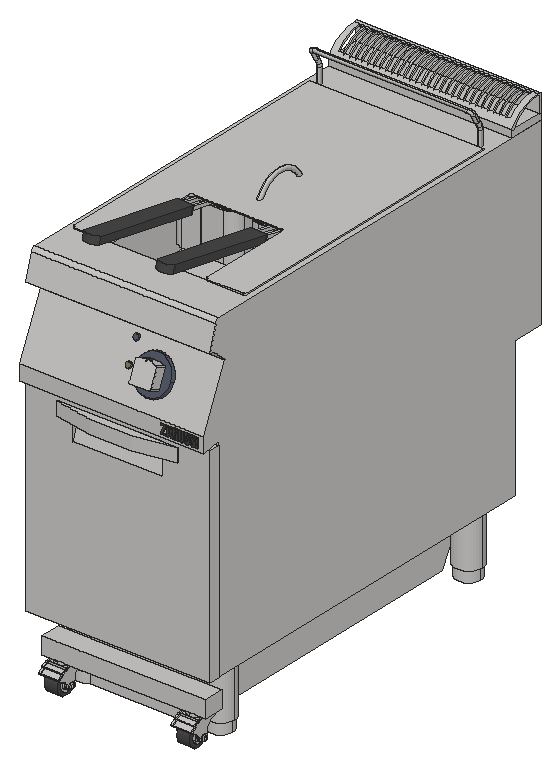
Revit family "QF_ZANUSSI_392337_Z9KKGDBAMCA", category Specialty Equipment, Revit 2018
Family settings
  Round Connector Dimension = Use Diameter
  Part Type = Normal
  Work Plane-Based = No
  Always vertical = Yes
  Cut with Voids When Loaded = No
  Shared = No
  Room Calculation Point = No
Parameters
  Width = 400 mm  # constant formula
  Weight in Pounds = 86  # constant formula
  Weight = 0.00 kg
  Watts = 18000 W  # constant formula
  Volts = 400 V  # constant formula
  URL Manufacturer = "http://www.zanussiprofessional.com"
  URL Cutsheet = "www.electrolux.com/foodservice"
  URL = "http://www.zanussiprofessional.com"
  Type Mark [instance] = ""
  Steam Supply Size = 0"
  Steam Supply Minimum Pressure = 0.00 psi
  Steam Supply Maximum Pressure = 0.00 psi
  Steam Pounds per Hour = 0
  Status [instance] = ""
  Specification by User [instance] = ""
  Specification by Manufacturer = ""
  Show Logo [instance] = yes
  Show Clearance [instance] = yes
  Serial Number = ""
  Seismic Rating = ""
  SMACNA No = ""
  Revision Code [instance] = ""
  Refrigeration Suction Line Size = 0"
  Refrigeration Liquid Line Size = 0"
  Refrigerant Compressor Remote = yes
  Phase = 3
  Omniclass Number and Title = ""
  Number of Poles [instance] = 1
  NAFEM Spec ID Number = ""
  Model = "Z9KKGDBAMCA"
  Min Ckt Ampacity = 0 A
  Max Overcurrent Protection = 0 A
  Masterspec = ""
  Manufacturer = "Zanussi"
  Length Actual = 400 mm  # constant formula
  Item Number [instance] = "392337"
  Installed By [instance] = ""
  Identify Quantity as Lot [instance] = yes
  Hot Water Size = 0"
  Height Actual = 850 mm  # constant formula
  Height = 851 mm  # constant formula
  HP = "24.1 HP"
  Gas Size = 0"
  Gas KW = 0
  Gas Input Pressure = 0.0 Btu/h
  Furnished By [instance] = ""
  Foodservice Equipment Identifier [instance] = yes
  FL Amps = if(Phase = 3, Watts / (Volts * 1.73), Watts / Volts)  # 26.0116 A
  Electrical Remarks [instance] = "400 V/3N ph/50/60 Hz"  # constant formula
  Electric Connection Type [instance] = ""
  Elec Conn RI Height [instance] = 0 mm
  Elec Conn Connection Height [instance] = 0 mm
  Direct Waste Size = 0"
  Description = "23LT EL.FRYER-1 WELL+2 1/2 BASKETS"
  Depth Actual = 900 mm  # constant formula
  Depth = 915 mm  # constant formula
  Cycle [instance] = if([60 Hertz Option], 60 Hz, 50 Hz)  # 60 Hz
  Conn Plug = ""
  Conn Conduit = yes
  Condensate Return Size = 0"
  Compressed Air Volume = 0 GPM
  Compressed Air Size = 0"
  Compressed Air Pressure = 0.00 psi
  Cold Water Size = 0"
  CSI MasterFormat = ""
  CSI Master Format = ""
  Base Height [instance] = 150 mm  # constant formula
  Apparent Power = if(Phase = 3, Volts * FL Amps * 1.73, Volts * FL Amps)  # 18000 VA
  Accessory = yes
  60 Hertz Option [instance] = not([50 Hertz Option])  # yes
  50 Hertz Option [instance] = no
Reference planes
  plane 1 "BACK": y = 0
  plane 2: z = 0
  plane 3 "LEFT": x = 0
  plane 4 "RIGHT": x = 400
  plane 5 "FRONT": y = -915
  plane 6 "TOP": z = 908
  plane 7 "Center Y": x = 200
  plane 8 "Center X": y = -457.5
  plane 9 "BASE": z = 601.763
  plane 10 "TOP A": z = 851
  plane 11 "feet": z = 150
  plane 12: y = -126
  plane 13: y = -800
  plane 14: x = 344
  plane 15: x = 56
  plane 16: x = 344
  plane 17: z = 916
  plane 18: z = 931
  plane 19: y = -1273
  plane 20: x = 355
  plane 21: y = -1610
  plane 22: z = 1200
  plane 23 "PANEL": through (-6096, -858.173, 760.156) normal (0, -0.9084, 0.4181)
Forms (mm)
  Extrusion 1, solid, material "QF_Finishes_Stainless Steel"
    sketch origin (0, 0, 0) x (0, 1, 0) y (0, 0, 1)
      loop
        line (0, 850.117) -> (-874.56, 850.117)
        arc (-874.56, 850.117) -> (-880.529, 848.14) -> (-884.138, 842.99) r 10
        line (-884.138, 842.99) -> (-900, 790.117) -> (-888.134, 790.117) -> (-858.173, 760.156) -> (-915, 636.69) -> (-915, 603.553) -> (-873.773, 609.463) -> (-873.773, 150) -> (-70, 150) -> (-70, 451.763) -> (0, 451.763) -> (0, 850.117)
    from 0 to 400
  Extrusion 2, void
    sketch origin (0, 0, 851) x (-1, 0, 0) y (0, -1, 0)
      loop
        line (-33.338, 141.304) -> (-33.338, 787.143) -> (-366.662, 787.143) -> (-366.662, 141.304) -> (-33.338, 141.304)
    from 0 to -152.4
  Extrusion 3, solid, material "QF_Finishes_Stainless Steel"
    sketch origin (0, 0, 851) x (-1, 0, 0) y (0, -1, 0)
      loop
        arc (-11.548, 780.793) -> (-13.408, 785.283) -> (-17.898, 787.143) r 6.35
        line (-17.898, 787.143) -> (-90.863, 787.143)
        arc (-90.863, 787.143) -> (-95.353, 785.283) -> (-97.213, 780.793) r 6.35
        line (-97.213, 780.793) -> (-97.213, 579.046)
        arc (-97.213, 579.046) -> (-99.072, 574.555) -> (-103.563, 572.696) r 6.35
        line (-103.563, 572.696) -> (-293.937, 572.696)
        arc (-293.937, 572.696) -> (-298.428, 574.555) -> (-300.287, 579.046) r 6.35
        line (-300.287, 579.046) -> (-300.287, 780.818)
        arc (-300.287, 780.818) -> (-302.14, 785.291) -> (-306.612, 787.143) r 6.325
        line (-306.612, 787.143) -> (-382.102, 787.143)
        arc (-382.102, 787.143) -> (-386.592, 785.283) -> (-388.452, 780.793) r 6.35
        line (-388.452, 780.793) -> (-388.452, 141.304) -> (-11.548, 141.304) -> (-11.548, 780.793)
    from 0 to 2.574
  Sweep 4, solid, material "QF_Finishes_Stainless Steel"
    path origin (200, 10.469, 0) x (0, 1, 0) y (0, 0, 1)
      loop
        arc (-415.761, 851) -> (-470.2, 884.779) -> (-524.639, 851) r 60.757
    profile origin (200, -459.731, 884.779) x (0, 0, -1) y (1, 0, 0)
      loop
        circle (0, 0) r 4.353
  Extrusion 5, solid, material "QF_Clearances", visible <- "Show Clearance", detail levels coarse
    sketch origin (0, 0, 0) x (1, 0, 0) y (0, 1, 0)
      loop
        line (0, -915) -> (0, 0) -> (400, 0) -> (400, -915) -> (502.019, -915) -> (502.019, 50) -> (-102.019, 50) -> (-102.019, -915) -> (0, -915)
    from 0 to 1200
  Revolve 6, solid, material "QF_Finishes_Stainless Steel"
    sketch origin (0, -126, 608.09) x (0, 0, 1) y (-1, 0, 0)
      loop
        line (-608.09, -56) -> (-458.09, -56) -> (-458.09, -26) -> (-583.09, -26) -> (-583.09, -29.75) -> (-608.09, -29.75) -> (-608.09, -56)
      axis (-608.09, -56) -> (-458.09, -56)
    angle from 0 to 360
  Revolve 7, solid, material "QF_Finishes_Stainless Steel"
    sketch origin (400.05, -126, 608.09) x (0, 0, 1) y (-1, 0, 0)
      loop
        line (-608.09, 56.05) -> (-608.09, 29.8) -> (-583.09, 29.8) -> (-583.09, 26.05) -> (-458.09, 26.05) -> (-458.09, 56.05) -> (-608.09, 56.05)
      axis (-608.09, 56.05) -> (-458.09, 56.05)
    angle from 0 to 360
  Revolve 8, solid, material "QF_Finishes_Stainless Steel"
    sketch origin (400.05, -800, 608.09) x (0, 0, 1) y (-1, 0, 0)
      loop
        line (-608.09, 56.05) -> (-608.09, 29.8) -> (-583.09, 29.8) -> (-583.09, 26.05) -> (-458.09, 26.05) -> (-458.09, 56.05) -> (-608.09, 56.05)
      axis (-608.09, 56.05) -> (-458.09, 56.05)
    angle from 0 to 360
  Extrusion 9, solid, material "QF_Finishes_Stainless Steel"
    sketch origin (200, -0.111, 0) x (0, 1, 0) y (0, 0, 1)
      loop
        line (-76.889, 865) -> (-76.889, 851) -> (0, 851) -> (0, 865) -> (-76.889, 865)
    from -200 to 200
  Revolve 10, solid, material "QF_Finishes_Stainless Steel"
    sketch origin (0, -800, 608.09) x (0, 0, 1) y (1, 0, 0)
      loop
        line (-608.09, 56) -> (-608.09, 29.75) -> (-583.09, 29.75) -> (-583.09, 26) -> (-458.09, 26) -> (-458.09, 56) -> (-608.09, 56)
      axis (-608.09, 56) -> (-458.09, 56)
    angle from 0 to 360
  Extrusion 11, solid, material "QF_Finishes_Stainless Steel"
    sketch origin (0, 130, 150) x (-1, 0, 0) y (0, 1, 0)
      loop
        circle (-355, -715) r 6.35
    from -30.819 to -12
  Extrusion 12, solid, material "QF_Finishes_Stainless Steel"
    sketch origin (185.958, 109.846, 107.43) x (0, 0.984808, 0.173648) y (0, -0.173648, 0.984808)
      loop
        line (-545.054, 741.794) -> (-527.127, 843.462) -> (-591.04, 868.375) -> (-593.346, 862.459) -> (-534.285, 839.437) -> (-551.308, 742.897) -> (-545.054, 741.794)
    from -80.476 to -74.619
  Extrusion 13, solid, material "QF_Finishes_Mesh"
    sketch origin (-5.005, -64.779, 844.25) x (-1, 0, 0) y (0, -1, 0)
      loop
        arc (-76.6, 120.481) -> (-58.64, 127.92) -> (-51.2, 145.881) r 25.4
        line (-51.2, 145.881) -> (-51.2, 473.61)
        arc (-51.2, 473.61) -> (-58.64, 491.571) -> (-76.6, 499.01) r 25.4
        line (-76.6, 499.01) -> (-166.875, 499.01)
        arc (-166.875, 499.01) -> (-184.836, 491.571) -> (-192.275, 473.61) r 25.4
        line (-192.275, 473.61) -> (-192.275, 145.881)
        arc (-192.275, 145.881) -> (-184.836, 127.92) -> (-166.875, 120.481) r 25.4
        line (-166.875, 120.481) -> (-76.6, 120.481)
      loop
        arc (-76.6, 123.656) -> (-60.885, 130.165) -> (-54.375, 145.881) r 22.225
        line (-54.375, 145.881) -> (-54.375, 473.61)
        arc (-54.375, 473.61) -> (-60.885, 489.326) -> (-76.6, 495.835) r 22.225
        line (-76.6, 495.835) -> (-166.875, 495.835)
        arc (-166.875, 495.835) -> (-182.591, 489.326) -> (-189.1, 473.61) r 22.225
        line (-189.1, 473.61) -> (-189.1, 145.881)
        arc (-189.1, 145.881) -> (-182.591, 130.165) -> (-166.875, 123.656) r 22.225
        line (-166.875, 123.656) -> (-76.6, 123.656)
    from -109 to -5.315
  Extrusion 14, solid, material "QF_Finishes_Black"
    sketch origin (54.033, -828.725, 906.181) x (0, 0.980628, -0.195878) y (-1, 0, 0)
      loop
        arc (-40.26, -47.345) -> (-50.487, -65.962) -> (-40.26, -84.58) r 22.059
        line (-40.26, -84.58) -> (214.638, -84.58)
        arc (214.638, -84.58) -> (217.113, -83.554) -> (218.138, -81.08) r 3.5
        line (218.138, -81.08) -> (218.138, -50.854)
        arc (218.138, -50.854) -> (217.11, -48.372) -> (214.629, -47.345) r 3.509
        line (214.629, -47.345) -> (-40.26, -47.345)
    from -15.884 to 0
  Extrusion 15, solid, material "QF_Finishes_Stainless Steel"
    sketch origin (209.153, 109.846, 107.43) x (0, 0.984808, 0.173648) y (0, -0.173648, 0.984808)
      loop
        line (-545.054, 741.794) -> (-527.127, 843.462) -> (-591.04, 868.375) -> (-593.346, 862.459) -> (-534.285, 839.437) -> (-551.308, 742.897) -> (-545.054, 741.794)
    from -80.476 to -74.619
  Extrusion 16, solid, material "QF_Finishes_Stainless Steel"
    sketch origin (214.042, 109.846, 107.43) x (0, 0.984808, 0.173648) y (0, 0.173648, -0.984808)
      loop
        line (-545.054, -741.794) -> (-551.308, -742.897) -> (-534.285, -839.437) -> (-593.346, -862.459) -> (-591.04, -868.375) -> (-527.127, -843.462) -> (-545.054, -741.794)
    from -80.476 to -74.619
  Extrusion 17, solid, material "QF_Finishes_Mesh"
    sketch origin (405.005, -64.779, 844.25) x (1, 0, 0) y (0, 1, 0)
      loop
        line (-76.6, -120.481) -> (-166.875, -120.481)
        arc (-166.875, -120.481) -> (-184.836, -127.92) -> (-192.275, -145.881) r 25.4
        line (-192.275, -145.881) -> (-192.275, -473.61)
        arc (-192.275, -473.61) -> (-184.836, -491.571) -> (-166.875, -499.01) r 25.4
        line (-166.875, -499.01) -> (-76.6, -499.01)
        arc (-76.6, -499.01) -> (-58.64, -491.571) -> (-51.2, -473.61) r 25.4
        line (-51.2, -473.61) -> (-51.2, -145.881)
        arc (-51.2, -145.881) -> (-58.64, -127.92) -> (-76.6, -120.481) r 25.4
      loop
        line (-76.6, -123.656) -> (-166.875, -123.656)
        arc (-166.875, -123.656) -> (-182.591, -130.165) -> (-189.1, -145.881) r 22.225
        line (-189.1, -145.881) -> (-189.1, -473.61)
        arc (-189.1, -473.61) -> (-182.591, -489.326) -> (-166.875, -495.835) r 22.225
        line (-166.875, -495.835) -> (-76.6, -495.835)
        arc (-76.6, -495.835) -> (-60.885, -489.326) -> (-54.375, -473.61) r 22.225
        line (-54.375, -473.61) -> (-54.375, -145.881)
        arc (-54.375, -145.881) -> (-60.885, -130.165) -> (-76.6, -123.656) r 22.225
    from -109 to -5.315
  Extrusion 18, solid, material "QF_Finishes_Stainless Steel"
    sketch origin (190.847, 109.846, 107.43) x (0, 0.984808, 0.173648) y (0, 0.173648, -0.984808)
      loop
        line (-545.054, -741.794) -> (-551.308, -742.897) -> (-534.285, -839.437) -> (-593.346, -862.459) -> (-591.04, -868.375) -> (-527.127, -843.462) -> (-545.054, -741.794)
    from -80.476 to -74.619
  Extrusion 19, solid, material "QF_Finishes_Stainless Steel"
    sketch origin (0, 0, 0) x (0, 1, 0) y (0, 0, 1)
      loop
        line (-80, 150) -> (-835.361, 150) -> (-835.361, 10) -> (-157.603, 10) -> (-80, 150)
    from 89.649 to 310.351
  Extrusion 20, solid, material "QF_Finishes_Black"
    sketch origin (345.967, -828.725, 906.181) x (0, 0.980628, -0.195878) y (-1, 0, 0)
      loop
        line (-40.26, 47.345) -> (214.629, 47.345)
        arc (214.629, 47.345) -> (217.11, 48.372) -> (218.138, 50.854) r 3.509
        line (218.138, 50.854) -> (218.138, 81.08)
        arc (218.138, 81.08) -> (217.113, 83.554) -> (214.638, 84.58) r 3.5
        line (214.638, 84.58) -> (-40.26, 84.58)
        arc (-40.26, 84.58) -> (-50.487, 65.962) -> (-40.26, 47.345) r 22.059
    from -15.884 to 0
  Extrusion 21, solid, material "QF_Clearances", visible <- "Show Clearance", detail levels coarse
    sketch origin (0, 0, 851) x (-1, 0, 0) y (0, -1, 0)
      loop
        line (-19.859, 835.361) -> (-19.859, 1610) -> (-375.922, 1610) -> (-375.922, 835.361) -> (-19.859, 835.361)
    from -841 to -701
  Extrusion 22, solid, material "QF_Finishes_Stainless Steel"
    sketch origin (0, 0, 0) x (0, 1, 0) y (0, 0, 1)
      loop
        line (-835.361, 100) -> (-880.361, 100) -> (-880.361, 63.5) -> (-835.361, 63.5) -> (-835.361, 100)
    from 19.859 to 375.922
  Extrusion 23, void
    sketch origin (0, 0, 851) x (-1, 0, 0) y (0, -1, 0)
      loop
        line (-26, 11.066) -> (-26, 66.066) -> (-36, 66.066) -> (-36, 11.066) -> (-26, 11.066)
      loop
        line (-13, 11.066) -> (-13, 66.066) -> (-23, 66.066) -> (-23, 11.066) -> (-13, 11.066)
      loop
        line (-39, 11.066) -> (-39, 66.066) -> (-49, 66.066) -> (-49, 11.066) -> (-39, 11.066)
      loop
        line (-52, 11.066) -> (-52, 66.066) -> (-62, 66.066) -> (-62, 11.066) -> (-52, 11.066)
      loop
        line (-65, 11.066) -> (-65, 66.066) -> (-75, 66.066) -> (-75, 11.066) -> (-65, 11.066)
      loop
        line (-78, 11.066) -> (-78, 66.066) -> (-88, 66.066) -> (-88, 11.066) -> (-78, 11.066)
      loop
        line (-91, 11.066) -> (-91, 66.066) -> (-101, 66.066) -> (-101, 11.066) -> (-91, 11.066)
      loop
        line (-104, 11.066) -> (-104, 66.066) -> (-114, 66.066) -> (-114, 11.066) -> (-104, 11.066)
      loop
        line (-117, 11.066) -> (-117, 66.066) -> (-127, 66.066) -> (-127, 11.066) -> (-117, 11.066)
      loop
        line (-130, 11.066) -> (-130, 66.066) -> (-140, 66.066) -> (-140, 11.066) -> (-130, 11.066)
      loop
        line (-143, 11.066) -> (-143, 66.066) -> (-153, 66.066) -> (-153, 11.066) -> (-143, 11.066)
      loop
        line (-156, 11.066) -> (-156, 66.066) -> (-166, 66.066) -> (-166, 11.066) -> (-156, 11.066)
      loop
        line (-169, 11.066) -> (-169, 66.066) -> (-179, 66.066) -> (-179, 11.066) -> (-169, 11.066)
      loop
        line (-182, 11.066) -> (-182, 66.066) -> (-192, 66.066) -> (-192, 11.066) -> (-182, 11.066)
      loop
        line (-195, 11.066) -> (-195, 66.066) -> (-205, 66.066) -> (-205, 11.066) -> (-195, 11.066)
      loop
        line (-208, 11.066) -> (-208, 66.066) -> (-218, 66.066) -> (-218, 11.066) -> (-208, 11.066)
      loop
        line (-221, 11.066) -> (-221, 66.066) -> (-231, 66.066) -> (-231, 11.066) -> (-221, 11.066)
      loop
        line (-234, 11.066) -> (-234, 66.066) -> (-244, 66.066) -> (-244, 11.066) -> (-234, 11.066)
      loop
        line (-247, 11.066) -> (-247, 66.066) -> (-257, 66.066) -> (-257, 11.066) -> (-247, 11.066)
      loop
        line (-260, 11.066) -> (-260, 66.066) -> (-270, 66.066) -> (-270, 11.066) -> (-260, 11.066)
      loop
        line (-273, 11.066) -> (-273, 66.066) -> (-283, 66.066) -> (-283, 11.066) -> (-273, 11.066)
      loop
        line (-286, 11.066) -> (-286, 66.066) -> (-296, 66.066) -> (-296, 11.066) -> (-286, 11.066)
      loop
        line (-299, 11.066) -> (-299, 66.066) -> (-309, 66.066) -> (-309, 11.066) -> (-299, 11.066)
      loop
        line (-312, 11.066) -> (-312, 66.066) -> (-322, 66.066) -> (-322, 11.066) -> (-312, 11.066)
      loop
        line (-325, 11.066) -> (-325, 66.066) -> (-335, 66.066) -> (-335, 11.066) -> (-325, 11.066)
      loop
        line (-338, 11.066) -> (-338, 66.066) -> (-348, 66.066) -> (-348, 11.066) -> (-338, 11.066)
      loop
        line (-351, 11.066) -> (-351, 66.066) -> (-361, 66.066) -> (-361, 11.066) -> (-351, 11.066)
      loop
        line (-364, 11.066) -> (-364, 66.066) -> (-374, 66.066) -> (-374, 11.066) -> (-364, 11.066)
      loop
        line (-377, 11.066) -> (-377, 66.066) -> (-387, 66.066) -> (-387, 11.066) -> (-377, 11.066)
    from 14 to 57
  Extrusion 24, solid, material "QF_Finishes_Black"
    sketch origin (0, -915, -3.664) x (1, 0, 0) y (0, 0, 1)
      loop
        spline (366.548, 633.796) -> (365.936, 634.02) -> (365.304, 634.185) -> (364.657, 634.291) -> (364.003, 634.339) -> (363.347, 634.326) -> (362.695, 634.254) -> (362.054, 634.121) -> (361.429, 633.927) -> (360.828, 633.672) -> (360.255, 633.354) -> (359.717, 632.975) -> (359.221, 632.533)
        spline (359.221, 632.533) -> (358.926, 632.07) -> (358.673, 631.573) -> (358.461, 631.048) -> (358.29, 630.502) -> (358.159, 629.941) -> (358.068, 629.374) -> (358.017, 628.807) -> (358.004, 628.246) -> (358.03, 627.7) -> (358.095, 627.175) -> (358.197, 626.678) -> (358.336, 626.216)
        line (358.336, 626.216) -> (360.358, 623.31) -> (362.506, 621.415)
        spline (362.506, 621.415) -> (362.731, 621.228) -> (362.965, 621.043) -> (363.204, 620.858) -> (363.446, 620.671) -> (363.688, 620.478) -> (363.927, 620.278) -> (364.161, 620.067) -> (364.386, 619.843) -> (364.602, 619.603) -> (364.804, 619.344) -> (364.991, 619.065) -> (365.159, 618.762)
        spline (365.159, 618.762) -> (365.19, 618.567) -> (365.218, 618.365) -> (365.24, 618.156) -> (365.252, 617.943) -> (365.253, 617.728) -> (365.238, 617.514) -> (365.204, 617.303) -> (365.149, 617.096) -> (365.07, 616.896) -> (364.963, 616.706) -> (364.825, 616.527) -> (364.653, 616.361)
        line (364.653, 616.361) -> (363.011, 616.235)
        spline (363.011, 616.235) -> (362.704, 616.445) -> (362.472, 616.691) -> (362.304, 616.967) -> (362.192, 617.269) -> (362.125, 617.59) -> (362.095, 617.925) -> (362.091, 618.267) -> (362.103, 618.612) -> (362.123, 618.953) -> (362.139, 619.285) -> (362.144, 619.602) -> (362.127, 619.899)
        line (362.127, 619.899) -> (357.705, 619.899)
        spline (357.705, 619.899) -> (357.652, 619.362) -> (357.623, 618.827) -> (357.618, 618.296) -> (357.639, 617.77) -> (357.689, 617.251) -> (357.768, 616.741) -> (357.879, 616.241) -> (358.023, 615.753) -> (358.202, 615.28) -> (358.418, 614.822) -> (358.673, 614.382) -> (358.968, 613.961)
        spline (358.968, 613.961) -> (359.331, 613.632) -> (359.722, 613.339) -> (360.139, 613.083) -> (360.578, 612.862) -> (361.036, 612.675) -> (361.511, 612.524) -> (361.998, 612.407) -> (362.496, 612.323) -> (363.001, 612.273) -> (363.51, 612.256) -> (364.019, 612.271) -> (364.527, 612.319)
        spline (364.527, 612.319) -> (365.063, 612.403) -> (365.594, 612.528) -> (366.116, 612.694) -> (366.623, 612.899) -> (367.111, 613.143) -> (367.575, 613.424) -> (368.009, 613.742) -> (368.41, 614.097) -> (368.773, 614.486) -> (369.092, 614.91) -> (369.363, 615.367) -> (369.58, 615.856)
        spline (369.58, 615.856) -> (369.715, 616.458) -> (369.803, 617.063) -> (369.845, 617.666) -> (369.842, 618.266) -> (369.796, 618.859) -> (369.707, 619.441) -> (369.575, 620.01) -> (369.403, 620.563) -> (369.189, 621.097) -> (368.937, 621.609) -> (368.646, 622.095) -> (368.317, 622.552)
        line (368.317, 622.552) -> (363.263, 627.1) -> (362.632, 627.858)
        spline (362.632, 627.858) -> (362.567, 628.019) -> (362.499, 628.183) -> (362.432, 628.352) -> (362.37, 628.523) -> (362.314, 628.695) -> (362.269, 628.869) -> (362.236, 629.042) -> (362.22, 629.215) -> (362.223, 629.386) -> (362.249, 629.554) -> (362.3, 629.719) -> (362.379, 629.879)
        spline (362.379, 629.879) -> (362.452, 630.027) -> (362.544, 630.155) -> (362.652, 630.264) -> (362.772, 630.357) -> (362.903, 630.433) -> (363.042, 630.495) -> (363.187, 630.544) -> (363.334, 630.581) -> (363.481, 630.608) -> (363.625, 630.625) -> (363.764, 630.635) -> (363.895, 630.638)
        line (363.895, 630.638) -> (365.159, 629.753) -> (365.285, 627.1) -> (369.454, 627.1)
        spline (369.454, 627.1) -> (369.459, 627.452) -> (369.47, 627.813) -> (369.486, 628.18) -> (369.501, 628.551) -> (369.512, 628.923) -> (369.517, 629.295) -> (369.511, 629.665) -> (369.491, 630.029) -> (369.454, 630.387) -> (369.395, 630.735) -> (369.312, 631.072) -> (369.201, 631.395)
        spline (369.201, 631.395) -> (369.089, 631.648) -> (368.943, 631.898) -> (368.769, 632.144) -> (368.57, 632.383) -> (368.349, 632.613) -> (368.112, 632.833) -> (367.861, 633.039) -> (367.601, 633.23) -> (367.336, 633.403) -> (367.069, 633.557) -> (366.805, 633.688) -> (366.548, 633.796)
      loop
        spline (381.709, 631.522) -> (381.36, 632.088) -> (380.949, 632.587) -> (380.485, 633.02) -> (379.973, 633.389) -> (379.42, 633.694) -> (378.834, 633.938) -> (378.222, 634.121) -> (377.591, 634.245) -> (376.947, 634.311) -> (376.298, 634.321) -> (375.651, 634.275) -> (375.013, 634.175)
        spline (375.013, 634.175) -> (374.569, 634.091) -> (374.126, 633.967) -> (373.688, 633.804) -> (373.263, 633.604) -> (372.855, 633.369) -> (372.47, 633.101) -> (372.115, 632.801) -> (371.794, 632.472) -> (371.513, 632.114) -> (371.278, 631.73) -> (371.095, 631.322) -> (370.97, 630.89)
        spline (370.97, 630.89) -> (370.775, 630.315) -> (370.633, 629.728) -> (370.544, 629.135) -> (370.507, 628.541) -> (370.523, 627.951) -> (370.591, 627.369) -> (370.712, 626.8) -> (370.886, 626.248) -> (371.112, 625.72) -> (371.391, 625.22) -> (371.723, 624.751) -> (372.107, 624.321)
        line (372.107, 624.321) -> (376.782, 620.152) -> (377.792, 618.636)
        spline (377.792, 618.636) -> (377.823, 618.444) -> (377.852, 618.248) -> (377.875, 618.049) -> (377.89, 617.849) -> (377.895, 617.65) -> (377.887, 617.451) -> (377.863, 617.255) -> (377.82, 617.063) -> (377.757, 616.877) -> (377.669, 616.697) -> (377.556, 616.524) -> (377.413, 616.361)
        line (377.413, 616.361) -> (376.15, 616.109)
        spline (376.15, 616.109) -> (375.703, 616.215) -> (375.362, 616.399) -> (375.115, 616.65) -> (374.947, 616.956) -> (374.844, 617.306) -> (374.792, 617.688) -> (374.776, 618.091) -> (374.783, 618.504) -> (374.8, 618.916) -> (374.81, 619.314) -> (374.802, 619.688) -> (374.76, 620.025)
        line (374.76, 620.025) -> (370.338, 619.899)
        spline (370.338, 619.899) -> (370.284, 619.355) -> (370.249, 618.8) -> (370.24, 618.239) -> (370.259, 617.676) -> (370.311, 617.117) -> (370.402, 616.567) -> (370.534, 616.029) -> (370.713, 615.51) -> (370.942, 615.013) -> (371.227, 614.544) -> (371.572, 614.108) -> (371.981, 613.708)
        spline (371.981, 613.708) -> (372.504, 613.327) -> (373.058, 613.002) -> (373.639, 612.735) -> (374.241, 612.525) -> (374.858, 612.37) -> (375.486, 612.271) -> (376.12, 612.228) -> (376.753, 612.239) -> (377.382, 612.305) -> (377.999, 612.425) -> (378.601, 612.598) -> (379.182, 612.824)
        spline (379.182, 612.824) -> (379.437, 612.932) -> (379.695, 613.064) -> (379.954, 613.219) -> (380.211, 613.395) -> (380.465, 613.59) -> (380.714, 613.803) -> (380.954, 614.032) -> (381.185, 614.275) -> (381.403, 614.53) -> (381.606, 614.795) -> (381.793, 615.069) -> (381.961, 615.351)
        spline (381.961, 615.351) -> (382.185, 615.958) -> (382.351, 616.578) -> (382.459, 617.206) -> (382.509, 617.84) -> (382.501, 618.476) -> (382.435, 619.109) -> (382.311, 619.738) -> (382.13, 620.357) -> (381.89, 620.965) -> (381.593, 621.556) -> (381.237, 622.129) -> (380.824, 622.678)
        line (380.824, 622.678) -> (375.518, 627.479) -> (374.886, 629.121) -> (375.392, 630.385) -> (376.529, 630.638) -> (377.792, 629.753) -> (377.919, 627.226) -> (382.214, 627.1)
        spline (382.214, 627.1) -> (382.192, 627.481) -> (382.185, 627.866) -> (382.188, 628.253) -> (382.195, 628.64) -> (382.2, 629.024) -> (382.198, 629.406) -> (382.183, 629.782) -> (382.148, 630.151) -> (382.09, 630.511) -> (382, 630.861) -> (381.875, 631.198) -> (381.709, 631.522)
      loop
        line (382.972, 612.319) -> (387.394, 612.319) -> (387.394, 633.922) -> (382.972, 633.922) -> (382.972, 612.319)
      loop
        line (349.998, 617.499) -> (349.998, 633.922) -> (345.577, 633.922) -> (345.577, 619.394) -> (345.829, 615.856) -> (346.208, 614.972) -> (347.093, 613.835) -> (347.977, 613.203) -> (349.746, 612.445) -> (350.63, 612.319) -> (352.651, 612.319) -> (353.662, 612.571) -> (355.178, 613.456) -> (356.947, 615.983) -> (357.073, 616.867) -> (357.073, 633.922) -> (352.651, 633.922) -> (352.651, 617.878) -> (352.146, 616.741) -> (350.756, 616.614) -> (349.998, 617.499)
      loop
        line (344.566, 633.922) -> (340.523, 633.922) -> (340.523, 620.152) -> (336.859, 633.922) -> (332.185, 633.922) -> (332.185, 612.319) -> (336.101, 612.319) -> (336.101, 626.595) -> (339.765, 612.319) -> (344.566, 612.319) -> (344.566, 633.922)
      loop
        line (317.656, 633.922) -> (306.665, 633.922) -> (306.665, 629.879) -> (313.688, 630.032) -> (306.16, 614.223) -> (306.16, 612.319) -> (317.656, 612.319) -> (317.656, 616.369) -> (310.842, 616.369) -> (317.656, 630.259) -> (317.656, 633.922)
      loop
        line (327.89, 633.922) -> (321.825, 633.922) -> (317.909, 612.319) -> (322.457, 612.319) -> (323.089, 616.488) -> (326.752, 616.488) -> (327.384, 612.319) -> (331.932, 612.319) -> (327.89, 633.922)
      loop
        line (323.594, 620.404) -> (326.121, 620.404) -> (324.857, 630.23) -> (323.594, 620.404)
    from 0.6 to -1
  Sweep 25, solid, material "QF_Finishes_Stainless Steel"
    path origin (0, 0.019, -0.883) x (0, 1, 0) y (0, 0, 1)
      loop
        line (-133.218, 851) -> (-133.218, 884.76)
        arc (-133.218, 884.76) -> (-133.779, 889.022) -> (-135.424, 892.993) r 16.466
        line (-135.424, 892.993) -> (-140.718, 902.162)
    profile origin (0, -133.199, 866.997) x (0, -1, 0) y (1, 0, 0)
      loop
        circle (0.001, 25.269) r 3.999
      loop
        circle (0.001, 374.731) r 3.999
  Sweep 26, solid, material "QF_Finishes_Stainless Steel"
    path origin (0, -68.609, 776.414) x (-1, 0, 0) y (0, -0.5, 0.866025)
      loop
        line (-374.731, 144.182) -> (-374.731, 165.819)
        arc (-374.731, 165.819) -> (-372.68, 170.768) -> (-367.731, 172.819) r 7
        line (-367.731, 172.819) -> (-32.269, 172.819)
        arc (-32.269, 172.819) -> (-27.32, 170.768) -> (-25.269, 165.819) r 7
        line (-25.269, 165.819) -> (-25.269, 144.182)
    profile origin (374.731, -146.109, 910.648) x (1, 0, 0) y (0, 0.866025, 0.5)
      loop
        circle (0, 0) r 4
  Extrusion 27, solid, material "QF_Finishes_Stainless Steel"
    sketch origin (200, 0, 0) x (0, 1, 0) y (0, 0, 1)
      loop
        line (-0.111, 865) -> (-0.111, 905) -> (-5.111, 905)
        arc (-5.111, 905) -> (-46.245, 894.327) -> (-77, 865) r 84.601
        line (-77, 865) -> (-73.866, 865)
        arc (-73.866, 865) -> (-43.956, 892.877) -> (-4.342, 902.995) r 82.606
        line (-4.342, 902.995) -> (-2.111, 902.995) -> (-2.111, 865) -> (-0.111, 865)
    from 200 to -200
  Blend 28, solid, material "QF_Finishes_Navy Blue"
    base sketch origin (269.392, -886.587, 698.423) x (1, 0, 0) y (0, 0.418102, 0.9084)
      loop
        circle (0, 0) r 42.5
    top sketch origin (269.392, -886.587, 698.423) x (1, 0, 0) y (0, 0.418102, 0.9084)
      loop
        circle (0, 0) r 40.5
    from 0 to 5
  Extrusion 29, solid, material "QF_Finishes_Stainless Steel"
    sketch origin (269.392, -886.587, 698.423) x (1, 0, 0) y (0, 0.418102, 0.9084)
      loop
        arc (-21.147, 22.789) -> (-22.494, 21.685) -> (-23, 20.019) r 2.997
        line (-23, 20.019) -> (-23, -20.019)
        arc (-23, -20.019) -> (-22.122, -22.138) -> (-20.003, -23.016) r 2.997
        line (-20.003, -23.016) -> (20.003, -23.016)
        arc (20.003, -23.016) -> (22.122, -22.138) -> (23, -20.019) r 2.997
        line (23, -20.019) -> (23, 20.019)
        arc (23, 20.019) -> (22.494, 21.685) -> (21.147, 22.789) r 2.997
        arc (21.147, 22.789) -> (0, 26.984) -> (-21.147, 22.789) r 55.4
    from 10 to 34
  Extrusion 30, solid, material "QF_Plastic-Black-Matte"
    sketch origin (269.392, -886.587, 698.423) x (0, 0.418102, 0.9084) y (0, -0.9084, 0.418102)
      loop
        line (26.984, 34) -> (26.984, 19) -> (27.984, 19) -> (27.984, 34)
        arc (27.984, 34) -> (27.691, 34.707) -> (26.984, 35) r 1
        line (26.984, 35) -> (23.984, 35) -> (23.984, 34) -> (26.984, 34)
    from -1 to 1
  Extrusion 31, solid, material "QF_Finishes_Brown"
    sketch origin (269.392, -886.587, 698.423) x (1, 0, 0) y (0, 0.418102, 0.9084)
      loop
        circle (-55.001, 0) r 6
    from 0 to 1.6
  Extrusion 32, solid, material "QF_Finishes_DarkGreen"
    sketch origin (269.392, -865.682, 743.843) x (1, 0, 0) y (0, 0.418102, 0.9084)
      loop
        circle (-55.001, 0) r 6
    from 0 to 1.6
  Extrusion 33, solid, material "QF_Finishes_Stainless Steel"
    sketch origin (0, -996.867, 458.82) x (0, 0.418102, 0.9084) y (-1, 0, 0)
      loop
        line (281.264, -286.892) -> (281.264, -251.892) -> (246.264, -251.892) -> (246.264, -286.892) -> (281.264, -286.892)
    from 10 to 5
Cuts and joins
  Extrusion 2, Extrusion 23 cuts Extrusion 1
  Extrusion 23 cuts Extrusion 3
  Extrusion 23 cuts Sweep 4
  Extrusion 23 cuts Extrusion 9
  joined: Extrusion 3, Sweep 4, Extrusion 9
  Extrusion 23 cuts Extrusion 5
  Extrusion 23 cuts Extrusion 27
Lines and regions (mm)
  Split face 1
    outline origin (0, -835.361, 150) x (0, 0, -1) y (1, 0, 0)
      loop
        line (139, 262.382) -> (2, 262.382) -> (2, 91.649) -> (139, 91.649) -> (139, 262.382)
  Split face 2
    outline origin (0, -835.361, 150) x (0, 0, -1) y (1, 0, 0)
      loop
        line (51.412, 139.794) -> (58.912, 124.794) -> (66.412, 139.794) -> (51.412, 139.794)
  Split face 3
    outline origin (269.392, -891.129, 700.514) x (1, 0, 0) y (0, 0.418102, 0.9084)
      loop
        circle (0, 33) r 1
  Split face 4
    outline origin (269.392, -891.129, 700.514) x (1, 0, 0) y (0, 0.418102, 0.9084)
      loop
        circle (-31.876, 8.541) r 1
  Split face 5
    outline origin (269.392, -891.129, 700.514) x (1, 0, 0) y (0, 0.418102, 0.9084)
      loop
        circle (-33, 0) r 1
  Split face 6
    outline origin (269.392, -891.129, 700.514) x (-1, 0, 0) y (0, 0.418102, 0.9084)
      loop
        circle (31.876, -8.541) r 1
  Split face 7
    outline origin (269.392, -891.129, 700.514) x (-1, 0, 0) y (0, 0.418102, 0.9084)
      loop
        circle (28.579, -16.5) r 1
  Split face 8
    outline origin (269.392, -891.129, 700.514) x (-1, 0, 0) y (0, 0.418102, 0.9084)
      loop
        circle (23.335, -23.335) r 1
  Split face 9
    outline origin (269.392, -891.129, 700.514) x (-1, 0, 0) y (0, 0.418102, 0.9084)
      loop
        circle (16.5, -28.579) r 1
  Split face 10
    outline origin (269.392, -891.129, 700.514) x (-1, 0, 0) y (0, 0.418102, 0.9084)
      loop
        circle (8.541, -31.876) r 1
  Split face 11
    outline origin (269.392, -891.129, 700.514) x (1, 0, 0) y (0, -0.418102, -0.9084)
      loop
        circle (33, 0) r 1
  Split face 12
    outline origin (269.392, -891.129, 700.514) x (1, 0, 0) y (0, -0.418102, -0.9084)
      loop
        circle (31.876, -8.541) r 1
  Split face 13
    outline origin (269.392, -891.129, 700.514) x (1, 0, 0) y (0, -0.418102, -0.9084)
      loop
        circle (28.579, -16.5) r 1
  Split face 14
    outline origin (269.392, -891.129, 700.514) x (1, 0, 0) y (0, -0.418102, -0.9084)
      loop
        circle (23.335, -23.335) r 1
  Split face 15
    outline origin (269.392, -891.129, 700.514) x (1, 0, 0) y (0, -0.418102, -0.9084)
      loop
        circle (16.5, -28.579) r 1
  Split face 16
    outline origin (269.392, -891.129, 700.514) x (1, 0, 0) y (0, -0.418102, -0.9084)
      loop
        circle (8.541, -31.876) r 1
  Split face 17
    outline origin (269.392, -891.129, 700.514) x (-1, 0, 0) y (0, -0.418102, -0.9084)
      loop
        circle (-8.541, 31.876) r 1
  Split face 18
    outline origin (269.392, -891.129, 700.514) x (-1, 0, 0) y (0, -0.418102, -0.9084)
      loop
        circle (-16.5, 28.579) r 1
  Split face 19
    outline origin (269.392, -891.129, 700.514) x (-1, 0, 0) y (0, -0.418102, -0.9084)
      loop
        circle (-23.335, 23.335) r 1
  Split face 20
    outline origin (269.392, -891.129, 700.514) x (-1, 0, 0) y (0, -0.418102, -0.9084)
      loop
        circle (-28.579, 16.5) r 1
  Split face 21
    outline origin (269.392, -891.129, 700.514) x (-1, 0, 0) y (0, -0.418102, -0.9084)
      loop
        circle (-31.876, 8.541) r 1
  Split face 22
    outline origin (269.392, -891.129, 700.514) x (1, 0, 0) y (0, 0.418102, 0.9084)
      loop
        circle (0, -33) r 1
  symbolic lines, style "QF_Clearances", visible <- "Show Clearance", detail levels coarse
    curve 1: line (-102.019, 50, 851) -> (-102.019, -915, 851)
    curve 2: line (502.019, 50, 851) -> (-102.019, 50, 851)
    curve 3: line (502.019, -915, 851) -> (502.019, 50, 851)
    curve 47: line (89.649, -1550, 851) -> (89.649, -915, 851)
    curve 48: line (19.859, -1610, 851) -> (375.922, -1610, 851)
    curve 49: line (310.351, -1550, 851) -> (310.351, -915, 851)
    curve 51: line (19.859, -1550, 851) -> (375.922, -1550, 851)
    curve 52: line (375.922, -1610, 851) -> (375.922, -1550, 851)
    curve 53: line (19.859, -1550, 851) -> (19.859, -1610, 851)
  symbolic lines
    curve 4: line (0, -900, 851) -> (0, 0, 851)
    curve 5: line (400, 0, 851) -> (400, -900, 851)
    curve 6: line (11.548, -141.304, 851) -> (11.548, -780.849, 851)
    curve 7: arc (11.548, -780.849, 851) -> (13.428, -785.386, 851) -> (17.965, -787.265, 851) r 6.416
    curve 8: line (17.965, -787.265, 851) -> (101.378, -787.265, 851)
    curve 9: arc (90.94, -787.265, 851) -> (95.375, -785.428, 851) -> (97.213, -780.993, 851) r 6.272
    curve 10: line (97.213, -780.993, 851) -> (97.213, -579.046, 851)
    curve 11: arc (97.213, -579.046, 851) -> (99.072, -574.555, 851) -> (103.563, -572.696, 851) r 6.35
    curve 12: line (103.563, -572.696, 851) -> (293.937, -572.696, 851)
    curve 13: arc (293.937, -572.696, 851) -> (298.428, -574.555, 851) -> (300.287, -579.046, 851) r 6.35
    curve 14: line (300.287, -579.046, 851) -> (300.287, -780.818, 851)
    curve 15: arc (300.287, -780.818, 851) -> (302.14, -785.291, 851) -> (306.613, -787.143, 851) r 6.325
    curve 16: arc (382.234, -787.143, 851) -> (386.63, -785.322, 851) -> (388.452, -780.925, 851) r 6.218
    curve 17: line (388.452, -780.925, 851) -> (388.452, -141.304, 851)
    curve 18: line (195.545, -513.12, 851) -> (195.545, -406.344, 851)
    curve 19: line (204.443, -406.344, 851) -> (204.443, -513.12, 851)
    curve 20: arc (195.545, -513.12, 851) -> (199.994, -517.569, 851) -> (204.443, -513.12, 851) r 4.449
    curve 21: arc (195.545, -406.344, 851) -> (199.994, -401.895, 851) -> (204.443, -406.344, 851) r 4.449
    curve 22: line (0, 0, 851) -> (400, 0, 851)
    curve 23: line (138.613, -787.265, 851) -> (261.387, -787.265, 851)
    curve 24: line (138.613, -871.257, 851) -> (138.613, -625.693, 851)
    curve 25: line (101.378, -625.702, 851) -> (101.378, -871.257, 851)
    curve 26: line (135.113, -622.313, 851) -> (104.887, -622.313, 851)
    curve 27: line (111.314, -572.696, 851) -> (111.314, -622.313, 851)
    curve 28: line (105.457, -622.313, 851) -> (105.457, -572.696, 851)
    curve 29: line (128.677, -622.313, 851) -> (128.677, -572.696, 851)
    curve 30: spline (104.887, -622.313, 851) -> (104.429, -622.342, 851) -> (103.979, -622.428, 851) -> (103.544, -622.571, 851) -> (103.133, -622.767, 851) -> (102.751, -623.013, 851) -> (102.406, -623.305, 851) -> (102.103, -623.639, 851) -> (101.848, -624.007, 851) -> (101.645, -624.405, 851) -> (101.498, -624.825, 851) -> (101.408, -625.26, 851) -> (101.378, -625.702, 851)
    curve 31: spline (138.613, -625.693, 851) -> (138.583, -625.252, 851) -> (138.494, -624.818, 851) -> (138.346, -624.4, 851) -> (138.144, -624.003, 851) -> (137.89, -623.635, 851) -> (137.588, -623.303, 851) -> (137.244, -623.011, 851) -> (136.863, -622.766, 851) -> (136.452, -622.57, 851) -> (136.019, -622.428, 851) -> (135.57, -622.342, 851) -> (135.113, -622.313, 851)
    curve 32: line (134.534, -572.696, 851) -> (134.534, -622.313, 851)
    curve 33: line (261.387, -871.257, 851) -> (261.387, -625.693, 851)
    curve 34: line (298.622, -625.702, 851) -> (298.622, -871.257, 851)
    curve 35: line (264.887, -622.313, 851) -> (295.113, -622.313, 851)
    curve 36: line (288.686, -572.696, 851) -> (288.686, -622.313, 851)
    curve 37: line (294.543, -622.313, 851) -> (294.543, -572.725, 851)
    curve 38: line (271.323, -622.313, 851) -> (271.323, -572.696, 851)
    curve 39: spline (295.113, -622.313, 851) -> (295.571, -622.342, 851) -> (296.021, -622.428, 851) -> (296.456, -622.571, 851) -> (296.867, -622.767, 851) -> (297.249, -623.013, 851) -> (297.594, -623.305, 851) -> (297.897, -623.639, 851) -> (298.152, -624.007, 851) -> (298.355, -624.405, 851) -> (298.502, -624.825, 851) -> (298.592, -625.26, 851) -> (298.622, -625.702, 851)
    curve 40: spline (261.387, -625.693, 851) -> (261.417, -625.252, 851) -> (261.506, -624.818, 851) -> (261.654, -624.4, 851) -> (261.856, -624.003, 851) -> (262.11, -623.635, 851) -> (262.412, -623.303, 851) -> (262.756, -623.011, 851) -> (263.137, -622.766, 851) -> (263.548, -622.57, 851) -> (263.981, -622.428, 851) -> (264.43, -622.342, 851) -> (264.887, -622.313, 851)
    curve 41: line (265.466, -572.696, 851) -> (265.466, -622.313, 851)
    curve 42: line (298.622, -787.265, 851) -> (382.234, -787.265, 851)
    curve 43: arc (101.378, -871.257, 851) -> (119.995, -881.341, 851) -> (138.613, -871.257, 851) r 22.229
    curve 44: arc (101.378, -868.146, 851) -> (119.995, -878.26, 851) -> (138.613, -868.146, 851) r 22.191
    curve 45: arc (298.622, -871.257, 851) -> (280.005, -881.341, 851) -> (261.387, -871.257, 851) r 22.229
    curve 46: arc (298.622, -868.146, 851) -> (280.005, -878.26, 851) -> (261.387, -868.146, 851) r 22.191
    curve 50: line (388.452, -141.304, 851) -> (378.73, -141.304, 851)
    curve 54: line (0, -71.89, 851) -> (400, -71.89, 851)
    curve 55: line (0, -900, 150) -> (400, -900, 150)
    curve 60: arc (21.27, -133.2, 150) -> (25.269, -129.201, 150) -> (29.268, -133.2, 150) r 3.999
    curve 61: line (21.27, -133.2, 150) -> (21.27, -151.633, 150)
    curve 62: line (31.732, -159.017, 150) -> (368.268, -159.017, 150)
    curve 63: line (29.268, -151.017, 150) -> (370.732, -151.017, 150)
    curve 64: arc (21.27, -151.633, 150) -> (21.672, -153.677, 150) -> (22.804, -155.427, 150) r 5.519
    curve 65: arc (22.804, -155.427, 150) -> (24.54, -157.017, 150) -> (26.665, -158.032, 150) r 7.98
    curve 66: arc (26.665, -158.032, 150) -> (29.155, -158.75, 150) -> (31.732, -159.017, 150) r 14.615
    curve 67: arc (378.73, -133.2, 150) -> (374.731, -129.201, 150) -> (370.732, -133.2, 150) r 3.999
    curve 68: arc (378.73, -151.633, 150) -> (378.328, -153.677, 150) -> (377.196, -155.427, 150) r 5.519
    curve 69: arc (377.196, -155.427, 150) -> (375.46, -157.017, 150) -> (373.335, -158.032, 150) r 7.98
    curve 70: arc (373.335, -158.032, 150) -> (370.845, -158.75, 150) -> (368.268, -159.017, 150) r 14.615
    curve 72: line (29.268, -141.304, 150) -> (370.732, -141.304, 150)
    curve 74: line (378.73, -133.2, 150) -> (378.73, -151.633, 150)
    curve 76: line (0, -915, 150) -> (246.392, -915, 150)
    curve 77: line (13, -11.066, 150) -> (23, -11.066, 150)
    curve 78: line (13, -66.066, 150) -> (13, -11.066, 150)
    curve 79: line (23, -66.066, 150) -> (13, -66.066, 150)
    curve 80: line (23, -11.066, 150) -> (23, -66.066, 150)
    curve 81: line (26, -11.066, 150) -> (36, -11.066, 150)
    curve 82: line (26, -66.066, 150) -> (26, -11.066, 150)
    curve 83: line (36, -66.066, 150) -> (26, -66.066, 150)
    curve 84: line (36, -11.066, 150) -> (36, -66.066, 150)
    curve 85: line (39, -11.066, 150) -> (49, -11.066, 150)
    curve 86: line (39, -66.066, 150) -> (39, -11.066, 150)
    curve 87: line (49, -66.066, 150) -> (39, -66.066, 150)
    curve 88: line (49, -11.066, 150) -> (49, -66.066, 150)
    curve 89: line (52, -11.066, 150) -> (62, -11.066, 150)
    curve 90: line (52, -66.066, 150) -> (52, -11.066, 150)
    curve 91: line (62, -66.066, 150) -> (52, -66.066, 150)
    curve 92: line (62, -11.066, 150) -> (62, -66.066, 150)
    curve 93: line (65, -11.066, 150) -> (75, -11.066, 150)
    curve 94: line (65, -66.066, 150) -> (65, -11.066, 150)
    curve 95: line (75, -66.066, 150) -> (65, -66.066, 150)
    curve 96: line (75, -11.066, 150) -> (75, -66.066, 150)
    curve 97: line (78, -11.066, 150) -> (88, -11.066, 150)
    curve 98: line (78, -66.066, 150) -> (78, -11.066, 150)
    curve 99: line (88, -66.066, 150) -> (78, -66.066, 150)
    curve 100: line (88, -11.066, 150) -> (88, -66.066, 150)
    curve 101: line (91, -11.066, 150) -> (101, -11.066, 150)
    curve 102: line (91, -66.066, 150) -> (91, -11.066, 150)
    curve 103: line (101, -66.066, 150) -> (91, -66.066, 150)
    curve 104: line (101, -11.066, 150) -> (101, -66.066, 150)
    curve 105: line (104, -11.066, 150) -> (114, -11.066, 150)
    curve 106: line (104, -66.066, 150) -> (104, -11.066, 150)
    curve 107: line (114, -66.066, 150) -> (104, -66.066, 150)
    curve 108: line (114, -11.066, 150) -> (114, -66.066, 150)
    curve 109: line (117, -11.066, 150) -> (127, -11.066, 150)
    curve 110: line (117, -66.066, 150) -> (117, -11.066, 150)
    curve 111: line (127, -66.066, 150) -> (117, -66.066, 150)
    curve 112: line (127, -11.066, 150) -> (127, -66.066, 150)
    curve 113: line (130, -11.066, 150) -> (140, -11.066, 150)
    curve 114: line (130, -66.066, 150) -> (130, -11.066, 150)
    curve 115: line (140, -66.066, 150) -> (130, -66.066, 150)
    curve 116: line (140, -11.066, 150) -> (140, -66.066, 150)
    curve 117: line (143, -11.066, 150) -> (153, -11.066, 150)
    curve 118: line (143, -66.066, 150) -> (143, -11.066, 150)
    curve 119: line (153, -66.066, 150) -> (143, -66.066, 150)
    curve 120: line (153, -11.066, 150) -> (153, -66.066, 150)
    curve 121: line (156, -11.066, 150) -> (166, -11.066, 150)
    curve 122: line (156, -66.066, 150) -> (156, -11.066, 150)
    curve 123: line (166, -66.066, 150) -> (156, -66.066, 150)
    curve 124: line (166, -11.066, 150) -> (166, -66.066, 150)
    curve 125: line (169, -11.066, 150) -> (179, -11.066, 150)
    curve 126: line (169, -66.066, 150) -> (169, -11.066, 150)
    curve 127: line (179, -66.066, 150) -> (169, -66.066, 150)
    curve 128: line (179, -11.066, 150) -> (179, -66.066, 150)
    curve 129: line (182, -11.066, 150) -> (192, -11.066, 150)
    curve 130: line (182, -66.066, 150) -> (182, -11.066, 150)
    curve 131: line (192, -66.066, 150) -> (182, -66.066, 150)
    curve 132: line (192, -11.066, 150) -> (192, -66.066, 150)
    curve 133: line (195, -11.066, 150) -> (205, -11.066, 150)
    curve 134: line (195, -66.066, 150) -> (195, -11.066, 150)
    curve 135: line (205, -66.066, 150) -> (195, -66.066, 150)
    curve 136: line (205, -11.066, 150) -> (205, -66.066, 150)
    curve 137: line (208, -11.066, 150) -> (218, -11.066, 150)
    curve 138: line (208, -66.066, 150) -> (208, -11.066, 150)
    curve 139: line (218, -66.066, 150) -> (208, -66.066, 150)
    curve 140: line (218, -11.066, 150) -> (218, -66.066, 150)
    curve 141: line (387, -11.066, 150) -> (377, -11.066, 150)
    curve 142: line (387, -66.066, 150) -> (387, -11.066, 150)
    curve 143: line (377, -66.066, 150) -> (387, -66.066, 150)
    curve 144: line (377, -11.066, 150) -> (377, -66.066, 150)
    curve 145: line (374, -11.066, 150) -> (364, -11.066, 150)
    curve 146: line (374, -66.066, 150) -> (374, -11.066, 150)
    curve 147: line (364, -66.066, 150) -> (374, -66.066, 150)
    curve 148: line (364, -11.066, 150) -> (364, -66.066, 150)
    curve 149: line (361, -11.066, 150) -> (351, -11.066, 150)
    curve 150: line (361, -66.066, 150) -> (361, -11.066, 150)
    curve 151: line (351, -66.066, 150) -> (361, -66.066, 150)
    curve 152: line (351, -11.066, 150) -> (351, -66.066, 150)
    curve 153: line (348, -11.066, 150) -> (338, -11.066, 150)
    curve 154: line (348, -66.066, 150) -> (348, -11.066, 150)
    curve 155: line (338, -66.066, 150) -> (348, -66.066, 150)
    curve 156: line (338, -11.066, 150) -> (338, -66.066, 150)
    curve 157: line (335, -11.066, 150) -> (325, -11.066, 150)
    curve 158: line (335, -66.066, 150) -> (335, -11.066, 150)
    curve 159: line (325, -66.066, 150) -> (335, -66.066, 150)
    curve 160: line (325, -11.066, 150) -> (325, -66.066, 150)
    curve 161: line (322, -11.066, 150) -> (312, -11.066, 150)
    curve 162: line (322, -66.066, 150) -> (322, -11.066, 150)
    curve 163: line (312, -66.066, 150) -> (322, -66.066, 150)
    curve 164: line (312, -11.066, 150) -> (312, -66.066, 150)
    curve 165: line (309, -11.066, 150) -> (299, -11.066, 150)
    curve 166: line (309, -66.066, 150) -> (309, -11.066, 150)
    curve 167: line (299, -66.066, 150) -> (309, -66.066, 150)
    curve 168: line (299, -11.066, 150) -> (299, -66.066, 150)
    curve 169: line (296, -11.066, 150) -> (286, -11.066, 150)
    curve 170: line (296, -66.066, 150) -> (296, -11.066, 150)
    curve 171: line (286, -66.066, 150) -> (296, -66.066, 150)
    curve 172: line (286, -11.066, 150) -> (286, -66.066, 150)
    curve 173: line (283, -11.066, 150) -> (273, -11.066, 150)
    curve 174: line (283, -66.066, 150) -> (283, -11.066, 150)
    curve 175: line (273, -66.066, 150) -> (283, -66.066, 150)
    curve 176: line (273, -11.066, 150) -> (273, -66.066, 150)
    curve 177: line (270, -11.066, 150) -> (260, -11.066, 150)
    curve 178: line (270, -66.066, 150) -> (270, -11.066, 150)
    curve 179: line (260, -66.066, 150) -> (270, -66.066, 150)
    curve 180: line (260, -11.066, 150) -> (260, -66.066, 150)
    curve 181: line (257, -11.066, 150) -> (247, -11.066, 150)
    curve 182: line (257, -66.066, 150) -> (257, -11.066, 150)
    curve 183: line (247, -66.066, 150) -> (257, -66.066, 150)
    curve 184: line (247, -11.066, 150) -> (247, -66.066, 150)
    curve 185: line (244, -11.066, 150) -> (234, -11.066, 150)
    curve 186: line (244, -66.066, 150) -> (244, -11.066, 150)
    curve 187: line (234, -66.066, 150) -> (244, -66.066, 150)
    curve 188: line (234, -11.066, 150) -> (234, -66.066, 150)
    curve 189: line (231, -11.066, 150) -> (221, -11.066, 150)
    curve 190: line (231, -66.066, 150) -> (231, -11.066, 150)
    curve 191: line (221, -66.066, 150) -> (231, -66.066, 150)
    curve 192: line (221, -11.066, 150) -> (221, -66.066, 150)
    curve 193: line (246.392, -900, 150) -> (246.392, -925.842, 150)
    curve 195: spline (246.392, -925.842, 0) -> (246.418, -926.006, 0) -> (246.494, -926.166, 0) -> (246.62, -926.322, 0) -> (246.794, -926.469, 0) -> (247.012, -926.605, 0) -> (247.27, -926.728, 0) -> (247.565, -926.836, 0) -> (247.891, -926.927, 0) -> (248.243, -927, 0) -> (248.614, -927.053, 0) -> (248.998, -927.085, 0) -> (249.39, -927.095, 0)
    curve 196: line (249.39, -927.095, 0) -> (289.395, -927.095, 0)
    curve 197: spline (289.395, -927.095, 0) -> (289.786, -927.085, 0) -> (290.171, -927.053, 0) -> (290.542, -927, 0) -> (290.894, -926.927, 0) -> (291.22, -926.836, 0) -> (291.514, -926.728, 0) -> (291.773, -926.605, 0) -> (291.991, -926.469, 0) -> (292.164, -926.322, 0) -> (292.29, -926.166, 0) -> (292.367, -926.006, 0) -> (292.392, -925.842, 0)
    curve 198: line (292.392, -925.842, 0) -> (292.392, -900, 0)
    curve 199: arc (129.721, -915, 0) -> (187.962, -920.11, 0) -> (246.392, -918.114, 0) r 480.772
    curve 200: arc (246.392, -909.102, 0) -> (246.634, -908.614, 0) -> (247.084, -908.306, 0) r 1.073
    curve 201: arc (247.084, -908.306, 0) -> (247.762, -908.055, 0) -> (248.47, -907.909, 0) r 4.747
    curve 202: arc (292.392, -909.102, 0) -> (292.151, -908.614, 0) -> (291.7, -908.306, 0) r 1.073
    curve 203: arc (291.7, -908.306, 0) -> (291.022, -908.055, 0) -> (290.314, -907.909, 0) r 4.747
    curve 204: arc (248.47, -907.909, 0) -> (258.398, -906.662, 0) -> (268.392, -906.194, 0) r 128.2
    curve 205: line (268.392, -900, 0) -> (268.392, -908.353, 0)
    curve 206: line (268.392, -908.353, 0) -> (270.392, -908.353, 0)
    curve 207: line (270.392, -908.353, 0) -> (270.392, -900, 0)
    curve 208: line (268.392, -907.444, 0) -> (270.392, -907.444, 0)
    curve 209: arc (290.314, -907.909, 0) -> (280.387, -906.662, 0) -> (270.392, -906.194, 0) r 128.2
    curve 210: line (400, -915, 0) -> (292.392, -915, 0)
  symbolic lines, style "QF_Clearances", detail levels coarse
    curve 56: line (-102.019, -915, 150) -> (0, -915, 150)
    curve 58: line (502.019, -915, 150) -> (400, -915, 150)
  symbolic lines, style "SpecialityEquipment"
    curve 57: line (0, -915, 150) -> (0, -900, 150)
    curve 59: line (400, -915, 150) -> (400, -900, 150)
  model lines
    curve 71: line (11.548, -141.304, 150) -> (21.27, -141.304, 150)
    curve 73: line (29.268, -133.2, 150) -> (29.268, -151.017, 150)
    curve 75: line (370.732, -133.2, 150) -> (370.732, -151.017, 150)
    curve 194: line (0, -904.356, 659.816) -> (0, -833.714, 813.299)
Dimensions and locks
  equal spacing: plane 3 "LEFT", plane 7 "Center Y", plane 4 "RIGHT"
  "Width": plane 3 "LEFT" to plane 4 "RIGHT"
  equal spacing: plane 5 "FRONT", plane 8 "Center X", plane 1 "BACK"
  "Depth": plane 5 "FRONT" to plane 1 "BACK"
  plane 1 "BACK" to plane 5 "FRONT" = 915 mm
  "Base Height": plane 11 "feet" to level
  plane 1 "BACK" to plane 12 = 126 mm
  plane 12 to plane 13 = 674 mm
  plane 4 "RIGHT" to plane 14 = 56 mm
  plane 16 to plane 15 = 288 mm
  plane 15 to plane 3 "LEFT" = 56 mm
  plane 17 to plane 10 "TOP A" = 65 mm
  plane 10 "TOP A" to plane 18 = 80 mm
  plane 5 "FRONT" to plane 1 "BACK" = 915 mm
  plane 4 "RIGHT" to plane 3 "LEFT" = 400 mm
  plane 5 "FRONT" to plane 19 = 358 mm
  plane 1 "BACK" to curve 2 = 50 mm
  plane 4 "RIGHT" to curve 3 = 102.019 mm
  curve 1 to plane 3 "LEFT" = 102.019 mm
  Extrusion 11 sketch curve to plane 1 "BACK" = 585 mm
  Extrusion 11 sketch curve to plane 4 "RIGHT" = 45 mm
  "Height": plane 10 "TOP A" to level
  plane 10 "TOP A" to plane 11 "feet" = 701 mm
  plane 10 "TOP A" to plane 11 "feet" to level = 701 mm, 150 mm
  plane 20 to plane 4 "RIGHT" = 45 mm  (x2)
  Extrusion 11 to plane 1 "BACK" = 585 mm
  plane 1 "BACK" to Extrusion 11 = 585 mm
  Extrusion 5 to Extrusion 19 = 10 mm
  plane 5 "FRONT" to plane 21 = 695 mm
  cut or joined group of Extrusion 1, Extrusion 2, Extrusion 23 to Extrusion 11 = 12 mm
  plane 11 "feet" to cut or joined group of Extrusion 3, Sweep 4, Extrusion 9, Extrusion 23 = 715 mm
  plane 22 to cut or joined group of Extrusion 3, Sweep 4, Extrusion 9, Extrusion 23 = 335 mm
  plane 22 to level = 1200 mm
  Extrusion 23 to plane 1 "BACK" = 66.066 mm
  aligned and locked: level to plane 2
  aligned and locked: plane 4 "RIGHT" to Extrusion 1
  aligned and locked: plane 13 to Revolve 8
  aligned and locked: plane 12 to Revolve 6
  aligned and locked: plane 12 to Revolve 7
  aligned and locked: plane 4 "RIGHT" to Extrusion 9
  aligned and locked: plane 13 to Revolve 10
Automatic sketch dimensions
  curve 194 to plane 23 "PANEL" = 0 mm
  plane 23 "PANEL" to curve 194 = 0 mm
  curve 194 to plane 5 "FRONT" = 10.644 mm
  plane 13 to curve 194 = 33.714 mm
  curve 204 to curve 209 = 0 mm  (x2)
  plane 5 "FRONT" to curve 199 = 0 mm
  plane 5 "FRONT" to curve 210 = 0 mm
  curve 210 to plane 4 "RIGHT" = 0 mm
  curve 198 to plane 14 = 51.608 mm
  curve 202 to curve 202 = 1.052 mm
  curve 203 to curve 210 = 2.678 mm
  curve 196 to curve 197 = 2.997 mm
  curve 207 to plane 5 "FRONT" = 6.647 mm
  curve 207 to curve 203 = 19.322 mm
  plane 7 "Center Y" to curve 209 = 69.392 mm
  curve 205 to curve 206 = 2 mm
  plane 5 "FRONT" to curve 196 = 12.095 mm
  curve 196 to curve 205 = 19.003 mm
  curve 201 to plane 5 "FRONT" = 2.382 mm
  curve 201 to curve 195 = 0.319 mm
  curve 200 to curve 201 = 1.627 mm
  plane 7 "Center Y" to curve 199 = 0.788 mm
  curve 204 to curve 196 = 107.295 mm
  curve 196 to curve 198 = 1.253 mm
  curve 203 to plane 5 "FRONT" = 2.382 mm
  curve 203 to curve 202 = 3.3 mm
  curve 201 to curve 200 = 3.3 mm
  plane 8 "Center X" to curve 199 = 17.991 mm
  curve 203 to curve 202 = 0.692 mm
  curve 203 to curve 203 = 1.386 mm
  curve 195 to curve 195 = 2.997 mm
  curve 200 to curve 201 = 1.027 mm
  curve 201 to curve 200 = 0.36 mm
  curve 200 to curve 201 = 0.692 mm
  curve 199 to curve 201 = 2.678 mm
  curve 199 to plane 7 "Center Y" = 70.279 mm
  curve 195 to curve 195 = 1.253 mm
  curve 202 to curve 202 = 0.215 mm
  curve 200 to curve 200 = 0.215 mm
  curve 205 to curve 208 = 0.908 mm
  curve 209 to curve 207 = 6.194 mm
  curve 209 to curve 198 = 7.909 mm
  curve 205 to curve 207 = 0 mm
  Extrusion 1 sketch curve to plane 5 "FRONT" = 0 mm
  Extrusion 1 sketch curve to plane 11 "feet" = 0 mm
  Extrusion 1 sketch curve to plane 23 "PANEL" = 0 mm  (x2)
  Extrusion 1 sketch curve to plane 1 "BACK" = 0 mm
  Extrusion 1 sketch curve to plane 5 "FRONT" = 15 mm
  Extrusion 1 sketch curve to Extrusion 1 sketch curve = 11.866 mm
  Extrusion 1 sketch curve to plane 10 "TOP A" = 8.01 mm
  Extrusion 1 sketch curve to plane 5 "FRONT" = 30.862 mm
  Extrusion 1 sketch curve to Extrusion 1 sketch curve = 9.578 mm
  plane 9 "BASE" to Extrusion 1 sketch curve = 7.7 mm
  Extrusion 1 sketch curve to plane 5 "FRONT" = 41.227 mm
  Extrusion 1 sketch curve to Extrusion 1 sketch curve = 29.961 mm  (x2)
  Extrusion 1 sketch curve to plane 12 = 56 mm
  Extrusion 1 sketch curve to plane 9 "BASE" = 150 mm
  plane 9 "BASE" to Extrusion 1 sketch curve = 1.79 mm
  Extrusion 1 sketch curve to Extrusion 1 sketch curve = 2.873 mm
  Extrusion 2 sketch curve to plane 20 = 11.663 mm
  Extrusion 2 sketch curve to plane 15 = 22.662 mm
  plane 12 to Extrusion 2 sketch curve = 15.304 mm
  Extrusion 2 sketch curve to plane 13 = 12.857 mm
  Extrusion 3 sketch curve to plane 4 "RIGHT" = 11.548 mm
  Extrusion 3 sketch curve to Extrusion 3 sketch curve = 6.35 mm  (x3)
  Extrusion 3 sketch curve to plane 14 = 37.387 mm
  Extrusion 3 sketch curve to plane 14 = 43.712 mm
  plane 15 to Extrusion 3 sketch curve = 47.563 mm
  Extrusion 3 sketch curve to plane 13 = 19.207 mm  (x2)
  plane 15 to Extrusion 3 sketch curve = 41.213 mm
  plane 3 "LEFT" to Extrusion 3 sketch curve = 17.898 mm
  plane 3 "LEFT" to Extrusion 3 sketch curve = 11.548 mm
  Extrusion 3 sketch curve to plane 8 "Center X" = 121.546 mm
  plane 12 to Extrusion 3 sketch curve = 15.304 mm
  Sweep 4 sketch curve to plane 10 "TOP A" = 0 mm  (x2)
  Sweep 4 sketch curve to plane 8 "Center X" = 2.231 mm
  Sweep 4 sketch curve to plane 10 "TOP A" = 26.978 mm
  Sweep 4 sketch curve to plane 8 "Center X" = 56.67 mm
  Sweep 4 sketch curve to plane 7 "Center Y" = 0 mm
  Sweep 4 sketch curve to profile plane = 0 mm
  plane 5 "FRONT" to Extrusion 5 sketch curve = 0 mm  (x2)
  plane 1 "BACK" to Extrusion 5 sketch curve = 0 mm
  Extrusion 5 sketch curve to plane 3 "LEFT" = 0 mm
  Extrusion 5 sketch curve to plane 4 "RIGHT" = 0 mm
  Extrusion 5 sketch curve to plane 1 "BACK" = 50 mm
  Extrusion 5 sketch curve to plane 3 "LEFT" = 102.019 mm
  plane 4 "RIGHT" to Extrusion 5 sketch curve = 102.019 mm
  curve 5 to plane 4 "RIGHT" = 0 mm
  curve 48 to plane 21 = 0 mm
  plane 5 "FRONT" to curve 49 = 0 mm
  plane 5 "FRONT" to curve 47 = 0 mm
  curve 54 to plane 3 "LEFT" = 0 mm
  plane 1 "BACK" to curve 5 = 0 mm
  plane 5 "FRONT" to curve 1 = 0 mm
  plane 5 "FRONT" to curve 3 = 0 mm
  curve 17 to plane 4 "RIGHT" = 11.548 mm
  curve 16 to curve 16 = 6.218 mm
  curve 48 to plane 20 = 20.922 mm
  curve 15 to plane 14 = 37.387 mm
  curve 15 to curve 14 = 6.325 mm
  curve 34 to plane 14 = 45.378 mm
  curve 34 to curve 35 = 3.509 mm
  curve 13 to curve 13 = 6.35 mm
  curve 46 to curve 46 = 18.617 mm
  curve 45 to curve 46 = 0 mm
  curve 35 to curve 35 = 30.226 mm
  curve 40 to curve 33 = 3.5 mm
